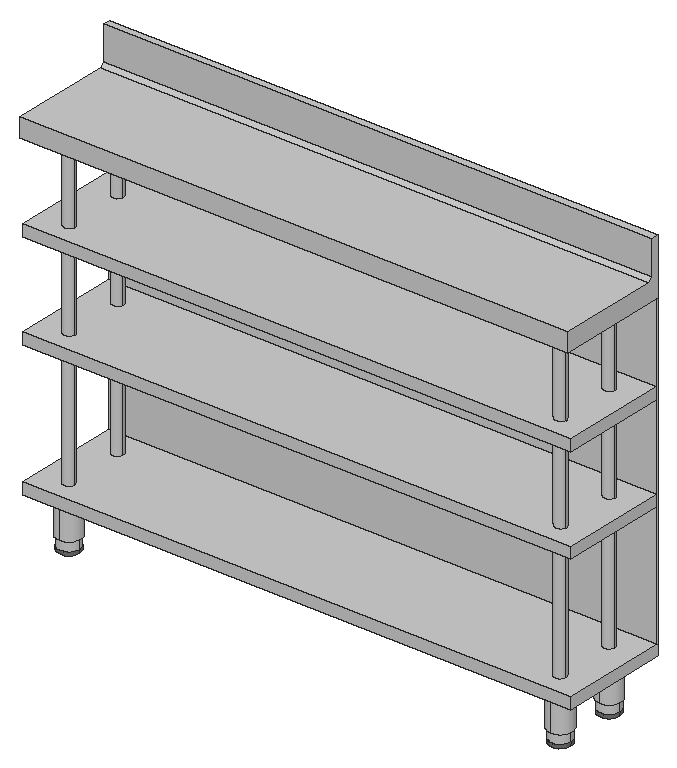
Revit family "QF_INFRICO_ME301500_250818105947", category Specialty Equipment, Revit 2021
Family settings
  Round Connector Dimension = Use Diameter
  Part Type = Normal
  OmniClass Number = 23.40.40.14
  OmniClass Title = Food Service Equipment
  Work Plane-Based = No
  Always vertical = Yes
  Cut with Voids When Loaded = No
  Shared = No
  Room Calculation Point = No
Parameters (values of type "ME301500")
  Weight [instance] = 44.00 kg
  Warranty Start Date [instance] = ""
  Warranty Duration [instance] = ""
  URL Recommended Spares List [instance] = ""
  URL Manufacturer [instance] = ""
  URL Cutsheet [instance] = ""
  URL Critical Spares List [instance] = ""
  URL = "www.infrico.com"
  Technical Documentation [instance] = ""
  Tag Number [instance] = ""
  Status [instance] = ""
  Specification by User [instance] = ""
  Specification by Manufacturer [instance] = ""
  Sound Level [instance] = ""
  Show Logo [instance] = yes
  Show Clearances [instance] = yes
  Service Life Duration [instance] = ""
  Serial Number [instance] = ""
  Seismic Rating [instance] = ""
  SMACNA No [instance] = ""
  Revision Code [instance] = ""
  Revision [instance] = ""
  Production Year [instance] = ""
  Point Load [instance] = 0
  Other Equipment Approvals [instance] = ""
  NAFEM Spec ID Number [instance] = ""
  Model Warning [instance] = ""
  Model = "ME301500"
  Masterspec [instance] = ""
  Manufacturer = "INFRICO"
  Length Actual [instance] = 1468 mm
  Item Number [instance] = ""
  Installed By [instance] = ""
  Installation Date [instance] = ""
  Identify Quantity as Lot [instance] = no
  ID [instance] = ""
  Hygiene Approval [instance] = ""
  Height Actual [instance] = 1050 mm
  Furnished By [instance] = ""
  Foodservice Equipment Identifier [instance] = no
  ETL Approved [instance] = no
  Description = "SHELF UNIT AND WORKING TABLE - ME SERIES"
  Depth Actual [instance] = 300 mm
  Default Elevation = 0 mm
  Cost = 0
  CSI MasterFormat [instance] = ""
  CE Approved [instance] = no
  Barcode [instance] = 0
  Author [instance] = ""
  Asset Identifier [instance] = ""
  Accessory [instance] = no
Reference planes
  plane 1 "Center (Front/Back)": y = 0
  plane 2: z = 0
  plane 3 "Center (Left/Right)": x = 0
Dimensions and locks
  aligned and locked: level to plane 2
Nested families
  nested 1: "QF_INFRICO_ME301500_2920" at (0, 0, 0), type "ME301500"
    with Weight 44.00 kg, Warranty Start Date "", Warranty Duration "", URL Cutsheet "", Technical Documentation "", Tag Number "", Status "", Specification by User "", Specification by Manufacturer "", Sound Level "", Solid Fuel Type "", Show Logo yes, Show Clearances yes, Show Clearance yes, Service Life Duration "", Serial Number "", Seismic Rating "", SMACNA No "", Revision Code "", Revision "", Production Year "", Point Load 0, Other Equipment Approvals "", NAFEM Spec ID Number "", Model Warning "", Masterspec "", Length Actual 1468 mm, Item Number "", Installed By "", Installation Date "", Identify Quantity as Lot yes, ID "", Hygiene Approval "", Height Actual 1050 mm, Furnished By "", Foodservice Equipment Identifier yes, ETL Approved yes, Depth Actual 300 mm, CSI MasterFormat "", CE Approved no, Barcode "", Author "", Asset Identifier "", Accessory no
  nested 2: "QF_INFRICO_WORKTOP_BACKSPLASH_3811" at (0, 0, 990), type "BKSP15_30"
    with Weight 0.00 kg, Warranty Start Date "", Warranty Duration "", URL Cutsheet "", Technical Documentation "", Tag Number "", Status "", Specification by User "", Specification by Manufacturer "", Sound Level "", Solid Fuel Type "", Show Logo yes, Show Clearances yes, Show Clearance yes, Service Life Duration "", Serial Number "", Seismic Rating "", SMACNA No "", Revision Code "", Revision "", Production Year "", Point Load 0, Other Equipment Approvals "", NAFEM Spec ID Number "", Model Warning "", Masterspec "", Length Actual 1468 mm, Item Number "", Installed By "", Installation Date "", Identify Quantity as Lot yes, ID "", Hygiene Approval "", Height Actual 150 mm, Furnished By "", Foodservice Equipment Identifier yes, ETL Approved yes, Depth Actual 300 mm, CSI MasterFormat "", CE Approved no, Barcode "", Author "", Asset Identifier "", Accessory yes
Definition of nested family "QF_INFRICO_ME301500_2920"
  Parameters (values of type "ME301500")
    Weight [instance] = 0.00 kg
    Warranty Start Date [instance] = ""
    Warranty Duration [instance] = ""
    URL Cutsheet [instance] = ""
    URL = "www.infrico.com"
    Technical Documentation [instance] = ""
    Tag Number [instance] = ""
    Status [instance] = ""
    Specification by User [instance] = ""
    Specification by Manufacturer [instance] = ""
    Sound Level [instance] = ""
    Solid Fuel Type [instance] = ""
    Show Logo [instance] = yes
    Show Clearances [instance] = yes
    Show Clearance [instance] = yes
    Service Life Duration [instance] = ""
    Serial Number [instance] = ""
    Seismic Rating [instance] = ""
    SMACNA No [instance] = ""
    Revision Code [instance] = ""
    Revision [instance] = ""
    Production Year [instance] = ""
    Point Load [instance] = 0
    Other Equipment Approvals [instance] = ""
    NAFEM Spec ID Number [instance] = ""
    Model Warning [instance] = ""
    Model = "ME301500"
    Masterspec [instance] = ""
    Manufacturer = "INFRICO"
    Length Actual [instance] = 0 mm
    Item Number [instance] = ""
    Installed By [instance] = ""
    Installation Date [instance] = ""
    Identify Quantity as Lot [instance] = yes
    ID [instance] = ""
    Hygiene Approval [instance] = ""
    Height Actual [instance] = 0 mm
    Furnished By [instance] = ""
    Foodservice Equipment Identifier [instance] = yes
    ETL Approved [instance] = yes
    Description = "SHELF UNIT AND WORKING TABLE - ME SERIES"
    Depth Actual [instance] = 0 mm
    Default Elevation = 0 mm
    CSI MasterFormat [instance] = ""
    CE Approved [instance] = yes
    Barcode [instance] = ""
    Author [instance] = ""
    Asset Identifier [instance] = ""
    Assembly Code = "E1090320"
    Accessory [instance] = yes
  Reference planes
    plane 1 "Back": y = 0
    plane 2: z = 0
    plane 3 "Left": x = 0
    plane 4 "Right": x = 1468
    plane 5 "Front": y = -300
    plane 6 "Top": z = 990
  Forms (mm)
    Extrusion 1, solid
      sketch origin (-1970.077, 409.342, 162.208) x (1, 0, 0) y (0, 1, 0)
        loop
          circle (2046.064, -477.342) r 15
      from -2.208 to 827.792
    Extrusion 2, solid
      sketch origin (-2000, 0, 130) x (0, 1, 0) y (0, 0, 1)
        loop
          line (0, 0) -> (0, 30) -> (-290, 30) -> (-290, 0) -> (0, 0)
      from 2000 to 3468
    Extrusion 3, solid
      sketch origin (-654.064, 409.342, 162.208) x (1, 0, 0) y (0, 1, 0)
        loop
          circle (2046.064, -477.342) r 15
      from -2.208 to 827.792
    Extrusion 4, solid
      sketch origin (-1970.077, 246.342, 162.208) x (1, 0, 0) y (0, 1, 0)
        loop
          circle (2046.064, -477.342) r 15
      from -2.208 to 827.792
    Extrusion 5, solid
      sketch origin (-654.064, 246.342, 162.208) x (1, 0, 0) y (0, 1, 0)
        loop
          circle (2046.064, -477.342) r 15
      from -2.208 to 827.792
    Extrusion 6, solid
      sketch origin (1144.499, 0, 130) x (0, 1, 0) y (0, 0, 1)
        loop
          line (0, 30) -> (0, 860) -> (-2, 860) -> (-2, 30) -> (0, 30)
      from -1144.499 to 323.501
    Extrusion 7, solid
      sketch origin (-123.986, 349, 130) x (0, 1, 0) y (-1, 0, 0)
        loop
          line (-530, -154.986) -> (-630, -154.986) -> (-630, -244.986) -> (-530, -244.986) -> (-530, -154.986)
      from 0 to -3
    Extrusion 8, solid
      sketch origin (-123.986, 349, 0) x (1, 0, 0) y (0, 1, 0)
        loop
          circle (199.986, -580) r 28
      from 9 to 35
    Extrusion 9, solid
      sketch origin (-123.986, 349, 0) x (1, 0, 0) y (0, 1, 0)
        loop
          circle (199.986, -580) r 28.5
      from 0 to 9
    Sweep 10, solid
      path origin (-123.986, 349, 0) x (0, 1, 0) y (0, 0, 1)
        loop
          line (-580, 35) -> (-580, 127)
      profile origin (-123.986, -231, 81) x (0, -1, 0) y (1, 0, 0)
        loop
          circle (0, 199.986) r 32
    Extrusion 11, solid
      sketch origin (-123.986, 512, 130) x (0, 1, 0) y (-1, 0, 0)
        loop
          line (-530, -154.986) -> (-630, -154.986) -> (-630, -244.986) -> (-530, -244.986) -> (-530, -154.986)
      from 0 to -3
    Extrusion 12, solid
      sketch origin (-123.986, 512, 0) x (1, 0, 0) y (0, 1, 0)
        loop
          circle (199.986, -580) r 28
      from 9 to 35
    Extrusion 13, solid
      sketch origin (-123.986, 512, 0) x (1, 0, 0) y (0, 1, 0)
        loop
          circle (199.986, -580) r 28.5
      from 0 to 9
    Sweep 14, solid
      path origin (-123.986, 512, 0) x (0, 1, 0) y (0, 0, 1)
        loop
          line (-580, 35) -> (-580, 127)
      profile origin (-123.986, -68, 81) x (0, -1, 0) y (1, 0, 0)
        loop
          circle (0, 199.986) r 32
    Extrusion 15, solid
      sketch origin (1152.027, 349, 130) x (0, 1, 0) y (-1, 0, 0)
        loop
          line (-530, -194.986) -> (-630, -194.986) -> (-630, -284.986) -> (-530, -284.986) -> (-530, -194.986)
      from 0 to -3
    Extrusion 16, solid
      sketch origin (1152.027, 349, 0) x (1, 0, 0) y (0, 1, 0)
        loop
          circle (239.986, -580) r 28
      from 9 to 35
    Extrusion 17, solid
      sketch origin (1152.027, 349, 0) x (1, 0, 0) y (0, 1, 0)
        loop
          circle (239.986, -580) r 28.5
      from 0 to 9
    Sweep 18, solid
      path origin (1592.027, 349, 0) x (0, -1, 0) y (0, 0, 1)
        loop
          line (580, 35) -> (580, 127)
      profile origin (1592.027, -231, 81) x (0, 1, 0) y (-1, 0, 0)
        loop
          circle (0, 199.986) r 32
    Extrusion 19, solid
      sketch origin (1152.027, 512, 130) x (0, 1, 0) y (-1, 0, 0)
        loop
          line (-530, -194.986) -> (-630, -194.986) -> (-630, -284.986) -> (-530, -284.986) -> (-530, -194.986)
      from 0 to -3
    Extrusion 20, solid
      sketch origin (1152.027, 512, 0) x (1, 0, 0) y (0, 1, 0)
        loop
          circle (239.986, -580) r 28
      from 9 to 35
    Extrusion 21, solid
      sketch origin (1152.027, 512, 0) x (1, 0, 0) y (0, 1, 0)
        loop
          circle (239.986, -580) r 28.5
      from 0 to 9
    Sweep 22, solid
      path origin (1592.027, 12, 0) x (0, -1, 0) y (0, 0, 1)
        loop
          line (80, 35) -> (80, 127)
      profile origin (1592.027, -68, 81) x (0, 1, 0) y (-1, 0, 0)
        loop
          circle (0, 199.986) r 32
    Extrusion 23, solid
      sketch origin (-2000, 0, 490) x (0, 1, 0) y (0, 0, 1)
        loop
          line (0, 0) -> (0, 30) -> (-290, 30) -> (-290, 0) -> (0, 0)
      from 2000 to 3468
    Extrusion 24, solid
      sketch origin (-2000, 0, 748) x (0, 1, 0) y (0, 0, 1)
        loop
          line (0, 0) -> (0, 30) -> (-290, 30) -> (-290, 0) -> (0, 0)
      from 2000 to 3468
  Lines and regions (mm)
    symbolic lines
      curve 1: line (0, 0, 0) -> (0, -300, 0)
      curve 2: line (0, -300, 0) -> (1468, -300, 0)
      curve 3: line (1468, -300, 0) -> (1468, 0, 0)
      curve 4: line (1468, 0, 0) -> (0, 0, 0)
  Dimensions and locks
    plane 3 "Left" to plane 4 "Right" = 1468 mm
    plane 1 "Back" to plane 5 "Front" = 300 mm  (x2)
    plane 4 "Right" to plane 3 "Left" = 1468 mm
    plane 6 "Top" to level = 990 mm  (x2)
    aligned and locked: level to plane 2
Definition of nested family "QF_INFRICO_WORKTOP_BACKSPLASH_3811"
  Parameters (values of type "ENC12CPMC10")
    Weight [instance] = 0.00 kg
    Warranty Start Date [instance] = ""
    Warranty Duration [instance] = ""
    URL Cutsheet [instance] = ""
    URL = "www.infrico.com"
    Technical Documentation [instance] = ""
    Tag Number [instance] = ""
    Status [instance] = ""
    Specification by User [instance] = ""
    Specification by Manufacturer [instance] = ""
    Sound Level [instance] = ""
    Solid Fuel Type [instance] = ""
    Show Logo [instance] = yes
    Show Clearances [instance] = yes
    Show Clearance [instance] = yes
    Service Life Duration [instance] = ""
    Serial Number [instance] = ""
    Seismic Rating [instance] = ""
    SMACNA No [instance] = ""
    Revision Code [instance] = ""
    Revision [instance] = ""
    Production Year [instance] = ""
    Point Load [instance] = 0
    Other Equipment Approvals [instance] = ""
    NAFEM Spec ID Number [instance] = ""
    Model Warning [instance] = ""
    Model = "ENC12CPGN19"
    Masterspec [instance] = ""
    Manufacturer = "INFRICO"
    Length Actual [instance] = 0 mm
    Length = 1000 mm
    Item Number [instance] = ""
    Installed By [instance] = ""
    Installation Date [instance] = ""
    Identify Quantity as Lot [instance] = yes
    ID [instance] = ""
    Hygiene Approval [instance] = ""
    Height Actual [instance] = 0 mm
    Furnished By [instance] = ""
    Foodservice Equipment Identifier [instance] = yes
    ETL Approved [instance] = yes
    Description = "WORKTOP WITH BACKSPLASH"
    Depth Actual [instance] = 0 mm
    Depth = 600 mm
    Default Elevation = 0 mm
    CSI MasterFormat [instance] = ""
    CE Approved [instance] = yes
    Barcode [instance] = ""
    Author [instance] = ""
    Asset Identifier [instance] = ""
    Assembly Code = "E1090320"
    Accessory [instance] = yes
  Types (30, lengths in mm): name | Model | Length | Description | Depth
    ENC12CPGN19 | "ENC12CPGN19" | 1960 | "WORKTOP WITH BACKSPLASH" | 700
    ENC12CPGN14 | "ENC12CPGN14" | 1468 | "WORKTOP WITH BACKSPLASH" | 700
    ENC12CPGN24 | "ENC12CPGN24" | 2452 | "WORKTOP WITH BACKSPLASH" | 700
    ENC12CPGN14R | "ENC12CPGN14R" | 1160 | "WORKTOP WITH BACKSPLASH" | 700
    ENC12CPGN19R | "ENC12CPGN19R" | 1652 | "WORKTOP WITH BACKSPLASH" | 700
    ENC12CPGN24R | "ENC12CPGN24R" | 2144 | "WORKTOP WITH BACKSPLASH" | 700
    ENC12CPBM20 | "ENC12CPBM20" | 1960 | "WORKTOP WITH BACKSPLASH" | 600
    ENC12CPBM15 | "ENC12CPBM15" | 1468 | "WORKTOP WITH BACKSPLASH" | 600
    ENC12CPBM25 | "ENC12CPBM25" | 2452 | "WORKTOP WITH BACKSPLASH" | 600
    ENC12CPBM15R | "ENC12CPBM15R" | 1160 | "WORKTOP WITH BACKSPLASH" | 600
    ENC12CPBM20R | "ENC12CPBM20R" | 1652 | "WORKTOP WITH BACKSPLASH" | 600
    ENC12CPBM25R | "ENC12CPBM25R" | 2144 | "WORKTOP WITH BACKSPLASH" | 600
    ENC12CPME10 | "ENC12CPME10" | 978 | "WORKTOP WITH BACKSPLASH" | 700
    ENC12CPME14 | "ENC12CPME14" | 1460 | "WORKTOP WITH BACKSPLASH" | 700
    ENC12CPMC8 | "ENC12CPGN19" | 820 | "WORKTOP WITH BACKSPLASH" | 600
    ENC12CPMC10 | "ENC12CPGN19" | 1000 | "WORKTOP WITH BACKSPLASH" | 600
    ENC12CPMC15 | "ENC12CPGN19" | 1468 | "WORKTOP WITH BACKSPLASH" | 600
    BKSP10_30 | "BKSP10_30" | 1000 | "WORKTOP WITH BACKSPLASH 1000_300" | 300
    BKSP15_60 | "BKSP15_60" | 1468 | "WORKTOP WITH BACKSPLASH 1500_600" | 600
    BKSP15_30 | "BKSP15_30" | 1468 | "WORKTOP WITH BACKSPLASH 1500_300" | 300
    BKSP20_30 | "BKSP20_30" | 1960 | "WORKTOP WITH BACKSPLASH 2000_300" | 300
    BKSP20_60 | "BKSP20_60" | 1960 | "WORKTOP WITH BACKSPLASH 2000_600" | 600
    BKSP10_60 | "BKSP10_60" | 1000 | "WORKTOP WITH BACKSPLASH 1000_600" | 600
    BKSP10_70_MT | "BKSP10_70_MT" | 1000 | "WORKTOP WITH BACKSPLASH 1000_700" | 700
    BKSP15_60_MT | "BKSP15_60_MT" | 1500 | "WORKTOP WITH BACKSPLASH 1500_600" | 600
    BKSP15_70_MT | "BKSP15_70_MT" | 1500 | "WORKTOP WITH BACKSPLASH 1500_700" | 700
    BKSP20_60_MT | "BKSP20_60_MT" | 2000 | "WORKTOP WITH BACKSPLASH 2000_600" | 600
    BKSP20_70_MT | "BKSP20_70_MT" | 2000 | "WORKTOP WITH BACKSPLASH 2000_700" | 700
    BKSP25_30 | "BKSP25_30" | 2452 | "WORKTOP WITH BACKSPLASH 2500_300" | 300
    BKSP25_60 | "BKSP25_60" | 2452 | "WORKTOP WITH BACKSPLASH 2500_600" | 600
  Reference planes
    plane 1 "Back": y = 0
    plane 2: z = 0
    plane 3 "Left": x = 0
    plane 4 "Right": x = 1000
    plane 5 "Front": y = -600
    plane 6 "Top": z = 150.03
  Forms (mm)
    Extrusion 1, solid
      sketch origin (0, 0, -660) x (0, 1, 0) y (0, 0, 1)
        loop
          line (0, 660) -> (0, 810.03) -> (-20, 810.03) -> (-20, 720.071) -> (-30.071, 710) -> (-600, 710) -> (-600, 660) -> (0, 660)
      from 0 to 1000
  Lines and regions (mm)
    symbolic lines
      curve 1: line (0, -600, 0) -> (1000, -600, 0)
      curve 2: line (0, 0, 0) -> (0, -600, 0)
      curve 3: line (1000, -600, 0) -> (1000, 0, 0)
      curve 4: line (1000, 0, 0) -> (0, 0, 0)
      curve 5: line (0, -20, 0) -> (1000, -20, 0)
  Dimensions and locks
    plane 6 "Top" to level = 150.03 mm
    plane 4 "Right" to plane 3 "Left" = 1000 mm
    "Length": plane 3 "Left" to plane 4 "Right"
    "Depth": plane 5 "Front" to plane 1 "Back"
    aligned and locked: level to plane 2
    aligned and locked: Extrusion 1 to plane 4 "Right"
  Automatic sketch dimensions
    curve 1 to plane 3 "Left" = 0 mm
    plane 1 "Back" to curve 4 = 0 mm
    curve 4 to plane 4 "Right" = 0 mm
    curve 1 to plane 5 "Front" = 0 mm
    plane 1 "Back" to curve 5 = 20 mm
    Extrusion 1 sketch curve to level = 0 mm
    Extrusion 1 sketch curve to plane 5 "Front" = 0 mm
    Extrusion 1 sketch curve to plane 6 "Top" = 0 mm
    Extrusion 1 sketch curve to plane 1 "Back" = 0 mm
    plane 1 "Back" to Extrusion 1 sketch curve = 30.071 mm
    Extrusion 1 sketch curve to Extrusion 1 sketch curve = 10.071 mm  (x2)
    level to Extrusion 1 sketch curve = 50 mm
